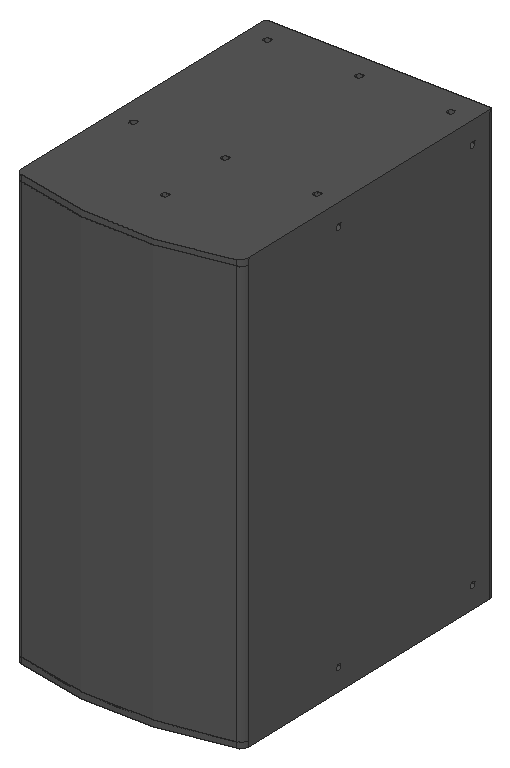
Revit family "1Electronics_Community_Biamp_Subwoofer_IS8-212WR", category Communication Devices, host Face, Revit 2020
Family settings
  Host = Face
  Maintain Annotation Orientation = No
  Round Connector Dimension = Use Diameter
  Part Type = Normal
  OmniClass Number = 23.85.10.11.14.14.14
  OmniClass Title = Loudspeakers
  Cut with Voids When Loaded = No
  Shared = No
  Room Calculation Point = No
Parameters (values of type "IS8-212WR B")
  Width = 14.50"  # constant formula
  Weight = 89.00 lbf  # constant formula
  URL = "https://www.biamp.com/"
  Transducers = "2 x 12 (300mm) double-treated cones with 4 (102mm) voice coils, demodulation rings, neodymium construction"  # constant formula
  Shipping Weight = 99.00 lbf  # constant formula
  Recommended Amplifiers = "Single Amp - 2000W - 4000W @ 4 ohms,  (89V - 126V); Dual Amp - 100W - 2000W @ 8 ohms,  (89V - 126V) (each driver)"  # constant formula
  Product data url = "https://bimobject.com/biamp/product/is8-212wr_community-subwoofer"
  Product Page URL = "https://www.biamp.com/products/product-families/community/community-subwoofers#is8-212wr"
  Product Documentation Link = "https://www.biamp.com/products/product-families/community/community-subwoofers#is8-212wr"
  Operating Range = "38 Hz to 140 Hz  "  # constant formula
  Operating Mode = "Single or Dual Amp"  # constant formula
  Operating Environment = "Weather-Resistant Outdoor "  # constant formula
  Nominal Sensitivity = "Half Space - 1W: 98 dB - 2.83V: 101 dB; Whole Space - 1W: 92 dB - 2.83V: 95 dB"  # constant formula
  Nominal Maximum SPL = "Half Space - Peak: 137 dB - Continuous: 131 dB; Whole Space - Peak: 131 dB - Continuous: 125 dB"  # constant formula
  Mounting Points = "(23) M10 threaded rigging points"  # constant formula
  Model = "IS8-212WR B"
  Manufacturer = "Biamp"  # constant formula
  Input Connection = "Screw terminal blocks (4-position)"  # constant formula
  Housing Material = Biamp - Plastic - Black
  Height = 28.00"  # constant formula
  Grill Material = Biamp - Plastic - Black(Grid)
  Equalized Sensitivity = "Half Space - 1W: 97 dB - 2.83V: 100 dB; Whole Space - 1W: 91 dB - 2.83V: 94 dB"  # constant formula
  Equalized Maximum SPL = "Half Space - Peak: 136 dB - Continuous: 130 dB; Whole Space - Peak: 130 dB - Continuous: 124 dB"  # constant formula
  Environmental = "Outdoor: IP55W per IEC 60529, MIL-STD-810G"  # constant formula
  Description = "IS8-212WR High Power Dual 12-Inch Weather-Resistant Subwoofer"  # constant formula
  Depth = 21.00"  # constant formula
  Default Elevation = 48.00"
  Continuous Power Handling  Nominal Impedance = "Single Amp - 89V, 2000W @ 4 ohms (8000W peak); Dual Amp - 89V, 1000W @ 8 ohms (4000W peak) (each); "  # constant formula
Types (4): name | Model | Housing Material | Grill Material
  (no name) | "IS8-212WR B" | Biamp - Plastic - Black | Biamp - Plastic - Black(Grid)
  IS8-212WR B | "IS8-212WR B" | Biamp - Plastic - Black | Biamp - Plastic - Black(Grid)
  IS8-212WR W | "IS8-212WR W" | Biamp - Plastic - White | Biamp - Plastic - White(Grid)
  IS8-212WR G | "IS8-212WR G" | Biamp - Plastic - Gray | Biamp - Plastic - Gray(Grid)
Reference planes (in)
  plane 1 "Center (Front/Back)": y = 0
  plane 2: z = 0
  plane 3 "Center (Left/Right)": x = 0
  plane 4: y = 10.5
  plane 5: y = -10.5
  plane 6: x = -7.25
  plane 7: x = 7.25
  plane 8: z = 28
  plane 9: z = 14
  plane 10: x = -6.875
  plane 11: y = 10.125
  plane 12: y = 10.3125
  plane 13: z = 27.625
  plane 14: z = 0.375
  plane 15: x = 6.875
  plane 16: y = -9
Forms (in)
  Extrusion 1, void
    sketch origin (0, 0, 0) x (1, 0, 0) y (0, 1, 0)
      loop
        circle (-5.87, 8.9) r 0.21654
      loop
        circle (0, 8.9) r 0.21654
      loop
        circle (5.87, 8.9) r 0.21654
      loop
        circle (-5.87, -1.81) r 0.21654
      loop
        circle (0, -1.81) r 0.21654
      loop
        circle (5.87, -1.81) r 0.21654
      loop
        circle (0, -6.63) r 0.21654
    from 27.625 to 28
  Extrusion 2, void
    sketch origin (0, 0, 0) x (0, 1, 0) y (0, 0, 1)
      loop
        circle (8.9, 1.38) r 0.21654
      loop
        circle (8.9, 26.62) r 0.21654
      loop
        circle (-1.81, 1.38) r 0.21654
      loop
        circle (-1.81, 26.62) r 0.21654
    from 6.875 to 7.25
  Extrusion 3, void
    sketch origin (0, 0, 0) x (1, 0, 0) y (0, 0, 1)
      loop
        circle (0, 26.62) r 0.21654
      loop
        circle (0, 1.38) r 0.21654
      loop
        line (2.005, 10.68) -> (-2.005, 10.68)
        arc (-2.005, 10.68) -> (-2.09339, 10.64339) -> (-2.13, 10.555) r 0.125
        line (-2.13, 10.555) -> (-2.13, 3.745)
        arc (-2.13, 3.745) -> (-2.09339, 3.65661) -> (-2.005, 3.62) r 0.125
        line (-2.005, 3.62) -> (2.005, 3.62)
        arc (2.005, 3.62) -> (2.09339, 3.65661) -> (2.13, 3.745) r 0.125
        line (2.13, 3.745) -> (2.13, 10.555)
        arc (2.13, 10.555) -> (2.09339, 10.64339) -> (2.005, 10.68) r 0.125
    from -10.5 to -10.125
  Extrusion 4, solid, material "Biamp - Plastic - Black" <- "Housing Material", detail levels medium+fine
    sketch origin (0, 0, 0) x (1, 0, 0) y (0, 0, 1)
      loop
        line (-0.5, 9.68) -> (-0.5, 9.43) -> (0.5, 9.43) -> (0.5, 9.68) -> (-0.5, 9.68)
      loop
        line (-0.5, 8.68) -> (-0.5, 8.43) -> (0.5, 8.43) -> (0.5, 8.68) -> (-0.5, 8.68)
    from -10.3125 to -10.125
  Extrusion 5, void
    sketch origin (0, 0, 0) x (0, 1, 0) y (0, 0, 1)
      loop
        line (-10.5, 27.625) -> (-10.5, 0.375) -> (-9, 0.375) -> (-9, 27.625) -> (-10.5, 27.625)
    from -7.25 to 7.25
  Extrusion 6, void
    sketch origin (0, 0, -19.42578) x (0, -1, 0) y (1, 0, 0)
      loop
        circle (-8.9, -5.87) r 0.21654
      loop
        circle (-8.9, 0) r 0.21654
      loop
        circle (-8.9, 5.87) r 0.21654
      loop
        circle (1.81, -5.87) r 0.21654
      loop
        circle (1.81, 0) r 0.21654
      loop
        circle (1.81, 5.87) r 0.21654
      loop
        circle (6.63, 0) r 0.21654
    from 19.42578 to 19.80078
  Extrusion 7, void
    sketch origin (0, 0, 0) x (0, 1, 0) y (0, 0, -1)
      loop
        circle (-1.81, -1.38039) r 0.21654
      loop
        circle (-1.81, -26.61961) r 0.21654
      loop
        circle (8.9, -1.38039) r 0.21654
      loop
        circle (8.9, -26.61961) r 0.21654
    from 6.875 to 7.25
  Extrusion 8, solid, material "Biamp - Plastic - Black" <- "Housing Material", detail levels medium+fine
    sketch origin (0, 0, 0) x (1, 0, 0) y (0, 1, 0)
      loop
        arc (-7.09375, 10.5) -> (-7.20424, 10.45424) -> (-7.25, 10.34375) r 0.15625
        line (-7.25, 10.34375) -> (-7.25, -9)
        arc (-7.25, -9) -> (-7.14513, -9.31197) -> (-6.875, -9.5) r 0.5244
        arc (-6.875, -9.5) -> (0, -10.5) -> (6.875, -9.5) r 24.13281
        arc (6.875, -9.5) -> (7.14513, -9.31197) -> (7.25, -9) r 0.5244
        line (7.25, -9) -> (7.25, 10.29173)
        arc (7.25, 10.29173) -> (7.189, 10.439) -> (7.04173, 10.5) r 0.20827
        line (7.04173, 10.5) -> (-7.09375, 10.5)
    from 0 to 28
  Extrusion 9, solid, material "Biamp - Plastic - Black" <- "Housing Material", detail levels coarse
    sketch origin (0, 0, 0) x (1, 0, 0) y (0, 1, 0)
      loop
        arc (-6.875, -9.5) -> (0, -10.5) -> (6.875, -9.5) r 24.13281
        arc (6.875, -9.5) -> (7.14513, -9.31197) -> (7.25, -9) r 0.5244
        line (7.25, -9) -> (7.25, 10.29173)
        arc (7.25, 10.29173) -> (7.189, 10.439) -> (7.04173, 10.5) r 0.20827
        line (7.04173, 10.5) -> (-7.09375, 10.5)
        arc (-7.09375, 10.5) -> (-7.20424, 10.45424) -> (-7.25, 10.34375) r 0.15625
        line (-7.25, 10.34375) -> (-7.25, -9)
        arc (-7.25, -9) -> (-7.14513, -9.31197) -> (-6.875, -9.5) r 0.5244
    from 0 to 28
  Extrusion 10, solid, material "Biamp - Plastic - Black(Grid)" <- "Grill Material", detail levels medium+fine
    sketch origin (0, 0, 0) x (1, 0, 0) y (0, 1, 0)
      loop
        arc (-6.875, -9.5) -> (0, -10.5) -> (6.875, -9.5) r 24.13281
        arc (6.875, -9.5) -> (7.14513, -9.31197) -> (7.25, -9) r 0.5244
        line (7.25, -9) -> (-7.25, -9)
        arc (-7.25, -9) -> (-7.14513, -9.31197) -> (-6.875, -9.5) r 0.5244
    from 0.375 to 27.625
Cuts and joins
  Extrusion 1, Extrusion 2, Extrusion 3, Extrusion 5, Extrusion 6, Extrusion 7 cuts Extrusion 8
Lines and regions (in)
  Masking region 1
    outline origin (0, 0, 0) x (1, 0, 0) y (0, 0, 1)
      loop
        line (-7.25006, 28) -> (-7.25006, 0) -> (7.25006, 0) -> (7.25006, 28) -> (-7.25006, 28)
  Masking region 2
    outline origin (0, 0, 0) x (0, 1, 0) y (0, 0, 1)
      loop
        line (-10.5, 28) -> (-10.5, 0) -> (10.5, 0) -> (10.5, 28) -> (-10.5, 28)
  Masking region 3
    outline origin (0, 0, 0) x (1, 0, 0) y (0, 1, 0)
      loop
        arc (-6.875, -9.5) -> (0, -10.5) -> (6.875, -9.5) r 24.13281
        arc (6.875, -9.5) -> (7.14513, -9.31197) -> (7.25, -9) r 0.5244
        line (7.25, -9) -> (7.25, 10.29173)
        arc (7.25, 10.29173) -> (7.189, 10.439) -> (7.04173, 10.5) r 0.20827
        line (7.04173, 10.5) -> (-7.09375, 10.5)
        arc (-7.09375, 10.5) -> (-7.20424, 10.45424) -> (-7.25, 10.34375) r 0.15625
        line (-7.25, 10.34375) -> (-7.25, -9)
        arc (-7.25, -9) -> (-7.14513, -9.31197) -> (-6.875, -9.5) r 0.5244
  symbolic lines
    curve 1: arc (-5.65346, 8.9, 0) -> (-5.87, 8.68346, 0) -> (-6.08654, 8.9, 0) r 0.21654
    curve 2: arc (-6.08654, 8.9, 0) -> (-5.87, 9.11654, 0) -> (-5.65346, 8.9, 0) r 0.21654
    curve 3: arc (0.21654, 8.9, 0) -> (0, 8.68346, 0) -> (-0.21654, 8.9, 0) r 0.21654
    curve 4: arc (-0.21654, 8.9, 0) -> (0, 9.11654, 0) -> (0.21654, 8.9, 0) r 0.21654
    curve 5: arc (5.65346, 8.9, 0) -> (5.87, 8.68346, 0) -> (6.08654, 8.9, 0) r 0.21654
    curve 6: arc (6.08654, 8.9, 0) -> (5.87, 9.11654, 0) -> (5.65346, 8.9, 0) r 0.21654
    curve 7: arc (-5.65346, -1.81, 0) -> (-5.87, -2.02654, 0) -> (-6.08654, -1.81, 0) r 0.21654
    curve 8: arc (-6.08654, -1.81, 0) -> (-5.87, -1.59346, 0) -> (-5.65346, -1.81, 0) r 0.21654
    curve 9: arc (0.21654, -1.81, 0) -> (0, -2.02654, 0) -> (-0.21654, -1.81, 0) r 0.21654
    curve 10: arc (-0.21654, -1.81, 0) -> (0, -1.59346, 0) -> (0.21654, -1.81, 0) r 0.21654
    curve 11: arc (5.65346, -1.81, 0) -> (5.87, -2.02654, 0) -> (6.08654, -1.81, 0) r 0.21654
    curve 12: arc (6.08654, -1.81, 0) -> (5.87, -1.59346, 0) -> (5.65346, -1.81, 0) r 0.21654
    curve 13: arc (0.21654, -6.63, 0) -> (0, -6.84654, 0) -> (-0.21654, -6.63, 0) r 0.21654
    curve 14: arc (-0.21654, -6.63, 0) -> (0, -6.41346, 0) -> (0.21654, -6.63, 0) r 0.21654
Dimensions and locks (in)
  equal spacing: plane 5, plane 1 "Center (Front/Back)", plane 4
  "Depth": plane 4 to plane 5
  equal spacing: plane 6, plane 3 "Center (Left/Right)", plane 7
  "Width": plane 6 to plane 7
  "Height": plane 8 to plane 2
  equal spacing: plane 8, plane 9, plane 2
  plane 6 to plane 10 = 0.375"
  locked: plane 11 to plane 4 at 0.375
  equal spacing: plane 11, plane 12, plane 4
  locked: plane 8 to plane 13 at 0.375
  locked: plane 14 to plane 2 at 0.375
  locked: plane 15 to plane 7 at 0.375
  locked: plane 16 to plane 5 at 1.5
  aligned and locked: plane 2 to host face
  aligned and locked: level to host face
  aligned and locked: plane 8 to Extrusion 1
  aligned and locked: plane 7 to Extrusion 2
  aligned and locked: Extrusion 3 to plane 4
  aligned and locked: plane 8 to Extrusion 8
  aligned and locked: Extrusion 8 to plane 2
  aligned and locked: Extrusion 7 to plane 6
  aligned and locked: plane 11 to Extrusion 4
  aligned and locked: Extrusion 4 to plane 12
  aligned and locked: plane 10 to Extrusion 7
  aligned and locked: Extrusion 8 sketch curve to plane 4
  aligned and locked: Extrusion 8 sketch curve to plane 6
  aligned and locked: plane 16 to Extrusion 5
  aligned and locked: Extrusion 5 to plane 6
  aligned and locked: plane 7 to Extrusion 5
  aligned and locked: plane 15 to Extrusion 2
  aligned and locked: plane 8 to Extrusion 9
  aligned and locked: Extrusion 9 to plane 2
  aligned and locked: plane 13 to Extrusion 10
  aligned and locked: plane 14 to Extrusion 10
Automatic sketch dimensions
  host sketch curve to host sketch curve = 96.00"  (x2)
  Extrusion 4 sketch curve to plane 3 "Center (Left/Right)" = 0.50"  (x2)
  plane 3 "Center (Left/Right)" to Extrusion 4 sketch curve = 0.50"  (x2)
  Extrusion 4 sketch curve to plane 9 = 5.57"
  Extrusion 4 sketch curve to Extrusion 4 sketch curve = 0.25"  (x2)
  Extrusion 4 sketch curve to Extrusion 4 sketch curve = 0.75"
  Extrusion 3 sketch curve to plane 3 "Center (Left/Right)" = 0.00"  (x2)
  Extrusion 3 sketch curve to plane 3 "Center (Left/Right)" = 2.005"  (x2)
  Extrusion 3 sketch curve to Extrusion 3 sketch curve = 0.125"  (x2)
  plane 3 "Center (Left/Right)" to Extrusion 3 sketch curve = 2.005"  (x2)
  Extrusion 3 sketch curve to plane 14 = 1.005"
  Extrusion 3 sketch curve to plane 9 = 10.38"
  Extrusion 3 sketch curve to plane 9 = 3.445"
  Extrusion 3 sketch curve to plane 13 = 1.005"
  Extrusion 5 sketch curve to plane 5 = 0.00"
  plane 14 to Extrusion 5 sketch curve = 0.00"
  Extrusion 5 sketch curve to plane 16 = 0.00"
  Extrusion 5 sketch curve to plane 13 = 0.00"
  plane 4 to Extrusion 8 sketch curve = 0.00"
  Extrusion 8 sketch curve to plane 10 = 0.00"  (x2)
  Extrusion 8 sketch curve to plane 3 "Center (Left/Right)" = 0.00"
  Extrusion 8 sketch curve to plane 15 = 0.00"  (x2)
  Extrusion 8 sketch curve to plane 7 = 0.00"
  Extrusion 8 sketch curve to plane 16 = 0.00"  (x2)
  plane 6 to Extrusion 8 sketch curve = 0.15625"
  plane 16 to Extrusion 8 sketch curve = 0.00267"
  Extrusion 8 sketch curve to Extrusion 8 sketch curve = 0.14939"
  Extrusion 8 sketch curve to plane 15 = 0.16673"
  Masking region 1 sketch curve to level = 0.00"
  Masking region 1 sketch curve to plane 8 = 0.00"
  Masking region 1 sketch curve to plane 6 = 0.00006"
  plane 7 to Masking region 1 sketch curve = 0.00006"
  Masking region 2 sketch curve to level = 0.00"
  Masking region 2 sketch curve to plane 5 = 0.00"
  Masking region 2 sketch curve to plane 4 = 0.00"
  Masking region 2 sketch curve to plane 8 = 0.00"
  Extrusion 1 sketch curve to plane 3 "Center (Left/Right)" = 0.00"  (x3)
  plane 10 to Extrusion 1 sketch curve = 1.005"  (x2)
  plane 15 to Extrusion 1 sketch curve = 1.005"  (x2)
  plane 16 to Extrusion 1 sketch curve = 2.37"
  plane 1 "Center (Front/Back)" to Extrusion 1 sketch curve = 1.81"  (x3)
  plane 11 to Extrusion 1 sketch curve = 1.225"  (x3)
  Extrusion 6 sketch curve to plane 3 "Center (Left/Right)" = 0.00"  (x3)
  plane 11 to Extrusion 6 sketch curve = 1.225"  (x3)
  plane 1 "Center (Front/Back)" to Extrusion 6 sketch curve = 1.81"  (x3)
  plane 16 to Extrusion 6 sketch curve = 2.37"
  plane 10 to Extrusion 6 sketch curve = 1.005"  (x2)
  plane 15 to Extrusion 6 sketch curve = 1.005"  (x2)
  Extrusion 9 sketch curve to plane 6 = 0.00"
  plane 4 to Extrusion 9 sketch curve = 0.00"
  Extrusion 9 sketch curve to plane 10 = 0.00"  (x2)
  Extrusion 9 sketch curve to plane 3 "Center (Left/Right)" = 0.00"
  Extrusion 9 sketch curve to plane 15 = 0.00"  (x2)
  Extrusion 9 sketch curve to plane 7 = 0.00"
  Extrusion 9 sketch curve to plane 16 = 0.00"  (x2)
  plane 6 to Extrusion 9 sketch curve = 0.15625"
  plane 16 to Extrusion 9 sketch curve = 0.00267"
  Extrusion 9 sketch curve to Extrusion 9 sketch curve = 0.14939"
  plane 12 to Extrusion 9 sketch curve = 0.02077"
  Extrusion 10 sketch curve to plane 6 = 0.00"
  Extrusion 10 sketch curve to plane 10 = 0.00"  (x2)
  Extrusion 10 sketch curve to plane 3 "Center (Left/Right)" = 0.00"
  Extrusion 10 sketch curve to plane 15 = 0.00"  (x2)
  Extrusion 10 sketch curve to plane 7 = 0.00"
  Extrusion 10 sketch curve to plane 16 = 0.00"
  plane 16 to Extrusion 10 sketch curve = 0.00267"
  Extrusion 10 sketch curve to Extrusion 10 sketch curve = 0.52439"
  curve 4 to plane 3 "Center (Left/Right)" = 0.00"
  curve 10 to plane 3 "Center (Left/Right)" = 0.00"
  curve 13 to plane 3 "Center (Left/Right)" = 0.00"
  plane 10 to curve 1 = 1.005"
  plane 10 to curve 8 = 1.005"
  plane 15 to curve 6 = 1.005"
  plane 15 to curve 12 = 1.005"
  plane 11 to curve 1 = 1.225"
  plane 11 to curve 3 = 1.225"
  plane 11 to curve 5 = 1.225"
  plane 1 "Center (Front/Back)" to curve 8 = 1.81"
  plane 1 "Center (Front/Back)" to curve 9 = 1.81"
  plane 1 "Center (Front/Back)" to curve 11 = 1.81"
  plane 16 to curve 13 = 2.37"
  curve 10 to curve 9 = 0.21654"
  curve 4 to curve 3 = 0.21654"
  curve 13 to curve 13 = 0.21654"
  curve 7 to curve 8 = 0.21654"
  curve 1 to curve 1 = 0.21654"
  curve 5 to curve 5 = 0.21654"
  curve 11 to curve 11 = 0.21654"
  Masking region 3 sketch curve to plane 6 = 0.00"
  plane 4 to Masking region 3 sketch curve = 0.00"
  Masking region 3 sketch curve to plane 10 = 0.00"  (x2)
  Masking region 3 sketch curve to plane 3 "Center (Left/Right)" = 0.00"
  Masking region 3 sketch curve to plane 15 = 0.00"  (x2)
  Masking region 3 sketch curve to plane 7 = 0.00"
  Masking region 3 sketch curve to plane 16 = 0.00"  (x2)
  plane 6 to Masking region 3 sketch curve = 0.15625"
  plane 16 to Masking region 3 sketch curve = 0.00267"
  Masking region 3 sketch curve to Masking region 3 sketch curve = 0.14939"
  plane 12 to Masking region 3 sketch curve = 0.02077"
  plane 1 "Center (Front/Back)" to Extrusion 2 sketch curve = 1.81"  (x2)
  plane 11 to Extrusion 2 sketch curve = 1.225"  (x2)
  Extrusion 2 sketch curve to plane 14 = 1.005"  (x2)
  Extrusion 2 sketch curve to plane 13 = 1.005"  (x2)
  plane 1 "Center (Front/Back)" to Extrusion 7 sketch curve = 1.81"  (x2)
  plane 11 to Extrusion 7 sketch curve = 1.225"  (x2)
  Extrusion 7 sketch curve to plane 13 = 1.00539"  (x2)
  Extrusion 7 sketch curve to plane 14 = 1.00539"  (x2)
  radius of Extrusion 3 sketch curve = 0.21654"  (x2)
  radius of Extrusion 1 sketch curve = 0.21654"  (x7)
  radius of Extrusion 6 sketch curve = 0.21654"  (x7)
  radius of Extrusion 2 sketch curve = 0.21654"  (x4)
  radius of Extrusion 7 sketch curve = 0.21654"  (x4)
Connectors (in)
  electrical at (0.25, 10.3125, 9.55539)
    settings: on Extrusion 4, index 1, voltage 0 V, apparent load 0 VA, apparent load phase1 0 VA, apparent load phase2 0 VA, apparent load phase3 0 VA, power factor 1, load classification "Other", number of poles 1, system type 5, power factor state 1, is connector primary yes, connector utility no, sub classification motor no, connector description "Screw terminal blocks; LF 1"
  electrical at (0.25, 10.3125, 8.55539)
    settings: on Extrusion 4, index 2, voltage 0 V, apparent load 0 VA, apparent load phase1 0 VA, apparent load phase2 0 VA, apparent load phase3 0 VA, power factor 1, load classification "Other", number of poles 1, system type 5, power factor state 1, is connector primary no, connector utility no, sub classification motor no, connector description "Screw terminal blocks; LF 2"
  electrical at (-0.25, 10.3125, 9.55539)
    settings: on Extrusion 4, index 3, voltage 0 V, apparent load 0 VA, apparent load phase1 0 VA, apparent load phase2 0 VA, apparent load phase3 0 VA, power factor 1, load classification "Other", number of poles 1, system type 5, power factor state 1, is connector primary no, connector utility no, sub classification motor no, connector description "Screw terminal blocks; LF 1"
  electrical at (-0.25, 10.3125, 8.55539)
    settings: on Extrusion 4, index 4, voltage 0 V, apparent load 0 VA, apparent load phase1 0 VA, apparent load phase2 0 VA, apparent load phase3 0 VA, power factor 1, load classification "Other", number of poles 1, system type 5, power factor state 1, is connector primary no, connector utility no, sub classification motor no, connector description "Screw terminal blocks; LF 2"
